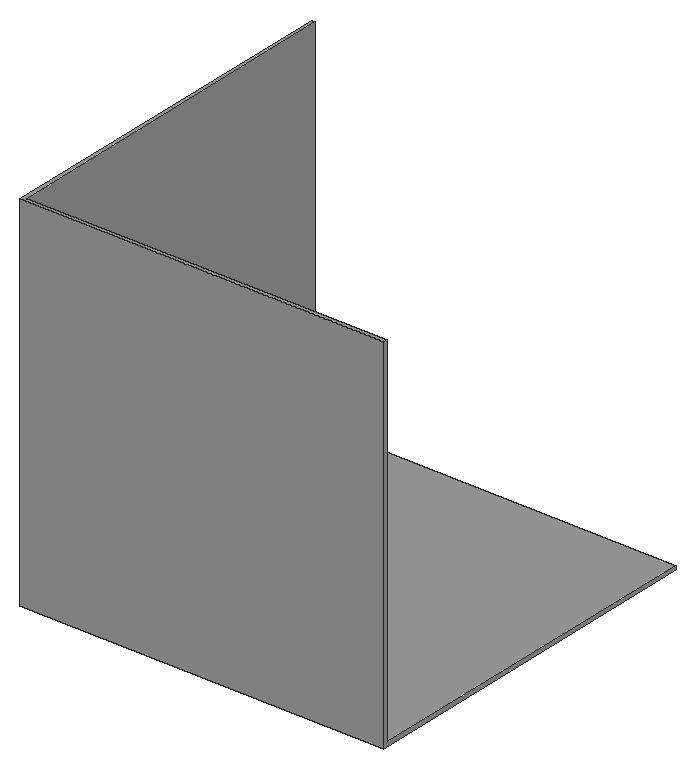
Revit family "Flashing_Preformed_Hyload_Inside90", category Generic Models, Revit 2015
Parameters (values of type "As Specified")
  Unit Width = 0' - 6"
  Unit Height = 0' - 6"
  Unit Depth = 0' - 6"
  URL = "http://www.hyload.com/"
  Thickness = 0' - 0 1/16"
  Specification = "http://www.arcat.com/sdspecs/htm04/07_65_00hyl.htm"
  Sales Information = "http://www.hyload.com/contact-us"
  Revision = "R1_12-2015"
  Product Properties = "http://www.hyload.com/masonry-flashing/preformed-shapes/"
  Product Data = "http://www.arcat.com/arcatcos/cos33/arc33176.html"
  Model = "Inside Corner (90)"
  Manufacturer Website = "http://www.hyload.com/"
  Manufacturer Phone - Toll Free = "800-457-4056"
  Manufacturer Phone = "330-769-3546"
  Manufacturer Fax = "330-769-4153"
  Manufacturer Address = "5020 Panther Pkwy., Seville, OH 44273"
  Manufacturer = "Hyload"
  Keynote = "07 65 00"
  Flashing Material = Hyload Flashing Membrane - Grey
  Drawn By = "Robert S. Weygant / Sumex Design"
  Description = "Preformed Hyload Masonry Flashing - Inside Corner (90)"
  Copyright = "(c) ARCAT, Inc, 2015"
  Construction Details = "http://www.arcat.com/details/hyload/hyload.html?coid=33176"
  Assembly Code = "B3010400"
Reference planes (in)
  plane 1 "Center (Front/Back)": y = 0
  plane 2: z = 0
  plane 3 "Center (Left/Right)": x = 0
  plane 4: y = 6
  plane 5: x = 6
  plane 6: z = 6
Forms (in)
  Extrusion 1, solid, material "Hyload Flashing Membrane - Grey" <- "Flashing Material"
    sketch origin (0, 0, 0) x (1, 0, 0) y (0, 1, 0)
      loop
        line (0, 6) -> (0, 0) -> (6, 0) -> (6, 6) -> (0, 6)
    from 0 to 0.0625 <- "Thickness"
  Extrusion 2, solid, material "Hyload Flashing Membrane - Grey" <- "Flashing Material"
    sketch origin (0, 0, 0) x (1, 0, 0) y (0, 1, 0)
      loop
        line (0, 6) -> (0, 0) -> (6, 0) -> (6, 0.0625) -> (0.0625, 0.0625) -> (0.0625, 6) -> (0, 6)
    from 0 to 6 <- "Unit Height"
Cuts and joins
  joined: Extrusion 1, Extrusion 2
Dimensions and locks (in)
  "Unit Depth": plane 1 "Center (Front/Back)" to plane 4
  "Unit Width": plane 3 "Center (Left/Right)" to plane 5
  "Unit Height": plane 6 to level
  "Thickness": plane 1 "Center (Front/Back)" to Extrusion 2 sketch curve
  "Thickness": plane 3 "Center (Left/Right)" to Extrusion 2 sketch curve
  plane 3 "Center (Left/Right)" to Extrusion 2 = 0' - 6"
  aligned and locked: plane 2 to level
  aligned and locked: Extrusion 1 sketch curve to plane 4
  aligned and locked: plane 3 "Center (Left/Right)" to Extrusion 1 sketch curve
  aligned and locked: Extrusion 1 sketch curve to plane 1 "Center (Front/Back)"
  aligned and locked: Extrusion 1 sketch curve to plane 5
  aligned and locked: plane 4 to Extrusion 2 sketch curve
  aligned and locked: Extrusion 2 sketch curve to plane 3 "Center (Left/Right)"
  aligned and locked: plane 1 "Center (Front/Back)" to Extrusion 2 sketch curve
  aligned and locked: plane 5 to Extrusion 2 sketch curve
  aligned and locked: Extrusion 2 to level
